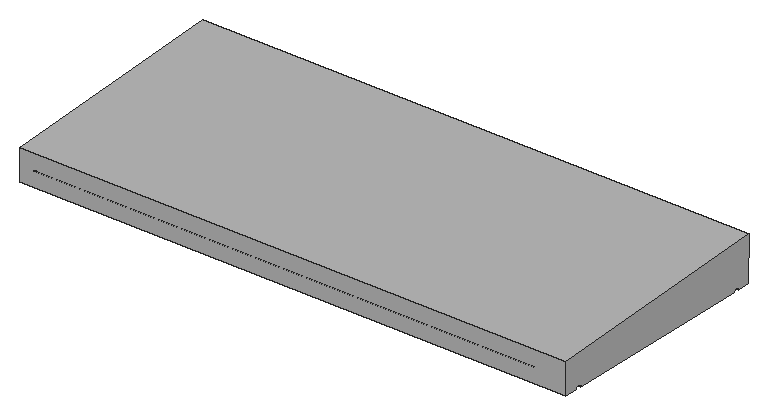
Revit family "WC424 Feather Edge", category Generic Models, Revit 2020
Family settings
  Can host rebar = No
  Round Connector Dimension = Use Diameter
  Part Type = Normal
  Work Plane-Based = No
  Always vertical = Yes
  Cut with Voids When Loaded = No
  Shared = No
  Room Calculation Point = No
Parameters
  Weight = "53Kg"
  Warranty Guarantor Parts = "n/a"
  Warranty Guarantor Labour = "n/a"
  Warranty Duration Unit = "n/a"
  Warranty Duration Parts = "n/a"
  Warranty Duration Labour = "n/a"
  Warranty Description = "n/a"
  Unit Width [instance] = 381 mm
  Unit Length [instance] = 914 mm
  Unit Height [instance] = 75 mm
  URL = "www.killeshal.com"
  Types = "Single"
  Type Comments = "Visit our website for a full list of available products."
  Sustainability Performance = "n/a"
  Structural Class = "n/a"
  Span = "Unit Length"
  Slope = "0.00°"
  Size = "381mm x 75 to 50mm"
  Shape = "As per drawing"
  Service Life = "0.000000"
  Serial Number = "n/a"
  Resistance to Fire = "n/a"
  Replacement Cost = "n/a"
  Reference = "n/a"
  Notified Body = "n/a"
  Nominal Cover to Main Bar = "n/a"
  Model = "W/C 424 Wall Cap."
  Mechanical Resistance = "n/a"
  Manufacturer = "Killeshal Precast Concrete Ltd."
  Load Bearing = no
  Life Cycle Environmental Load = "n/a"
  Length Options = "Stock size 914mm."
  Keynote = "The information contained is the sole property of KPC Ltd., any reproduction in part or whole without permission of KPC Ltd. is prohibited."
  Environmental Product Declaration = "n/a"
  Environmental Class = "n/a"
  Durability against Corrosion = "n/a"
  Dimension Accuracy Class = "n/a"
  Detailing = "As per design specification and product drawings."
  Description = "15\" Feather Edge Wall Cap"
  Default Elevation = 0 mm
  Dangerous Substances = "n/a"
  Contact Tel = "0035357 9353018"
  Contact Email = "sales@killeshal.com"
  Construction Type = "Precast"
  Construction Tolerance Class = "n/a"
  Compressive Strength of Concrete = "n/a"
  Characteristics of Reinforcing Steel = "n/a"
  Characteristics Deflection Under Load = "n/a"
Reference planes
  plane 1 "Center (Front/Back)": y = 0
  plane 2: z = 0
  plane 3 "Center (Left/Right)": x = 0
  plane 4 "Rear": y = 190.5
  plane 5 "Front": y = -190.5
  plane 6 "Top": z = 75
  plane 7 "Center L/T": z = 50
Forms (mm)
  Extrusion 1, solid, material "Precast Concrete (KPC)"
    sketch origin (0, 0, 0) x (0, 1, 0) y (0, 0, 1)
      loop
        line (-190.5, 50) -> (-190.5, 0) -> (-170.5, 0)
        arc (-170.5, 0) -> (-165.5, 5) -> (-160.5, 0) r 5
        line (-160.5, 0) -> (160.5, 0)
        arc (160.5, 0) -> (165.5, 5) -> (170.5, 0) r 5
        line (170.5, 0) -> (190.5, 0) -> (190.5, 75) -> (-190.5, 50)
    from 0 to 914
Dimensions and locks
  "Unit Length": Extrusion 1 to Extrusion 1
  "Unit Width": Extrusion 1 to Extrusion 1
  Extrusion 1 to plane 7 "Center L/T" = 50 mm
  "Unit Height": Extrusion 1 to plane 6 "Top"
  aligned and locked: level to plane 2
Automatic sketch dimensions
  Extrusion 1 sketch curve to plane 5 "Front" = 0 mm
  Extrusion 1 sketch curve to level = 0 mm
  Extrusion 1 sketch curve to plane 4 "Rear" = 0 mm
  Extrusion 1 sketch curve to plane 7 "Center L/T" = 0 mm
  Extrusion 1 sketch curve to plane 6 "Top" = 0 mm
  plane 5 "Front" to Extrusion 1 sketch curve = 20 mm
  Extrusion 1 sketch curve to Extrusion 1 sketch curve = 5 mm  (x2)
  Extrusion 1 sketch curve to Extrusion 1 sketch curve = 30 mm
